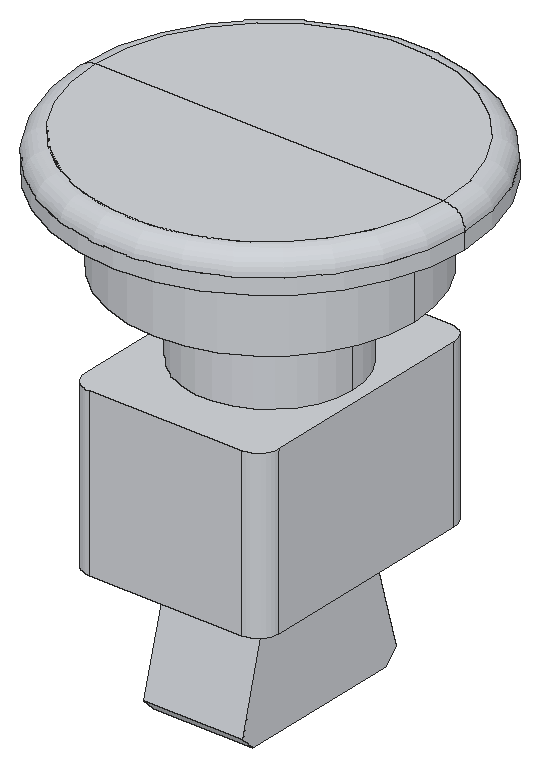
Revit family "2fb499501a3147c2b0ae3d3dcca2543d", category Lighting Devices, host Face, Revit 2021
Family settings
  Host = Face
  Maintain Annotation Orientation = Yes
  Round Connector Dimension = Use Diameter
  Part Type = Switch
  OmniClass Number = 23.85.80.11
  OmniClass Title = Building Controls
  Seek Item ID = Push Button - Switch-0000-USA-ENU
  Cut with Voids When Loaded = No
  Shared = No
  Room Calculation Point = No
Parameters (values of type "Standard")
  Button Material = none
  Default Elevation = 4' - 0"
Reference planes (in)
  plane 1 "Center (Front/Back)": y = 0
  plane 2: z = 0
  plane 3 "Center (Left/Right)": x = 0
  plane 4: z = -1.79
  plane 5: z = 1.22
  plane 6: x = -1.18
  plane 7: x = 1.18
  plane 8: z = 1
  plane 9: z = 0.5
  plane 10: z = -1
Forms (in)
  Revolve 1, solid, material <- "Button Material"
    sketch origin (0, 0, 0) x (1, 0, 0) y (0, 0, 1)
      loop
        arc (-1.055, 1.22) -> (-1.14339, 1.18339) -> (-1.18, 1.095) r 0.125
        line (-1.18, 1.095) -> (-1.18, 1) -> (0, 1) -> (0, 1.22) -> (-1.055, 1.22)
      axis (0, 1.22) -> (0, 1)
    angle from 0 to 360
  Extrusion 2, solid, material <- "Button Material"
    sketch origin (0, 0, 0) x (1, 0, 0) y (0, 1, 0)
      loop
        circle (0, 0) r 0.875
    from 0.5 to 1
  Extrusion 3, solid, material <- "Button Material"
    sketch origin (0, 0, 0) x (1, 0, 0) y (0, 1, 0)
      loop
        circle (0, 0) r 0.5
    from 0 to 0.5
  Extrusion 4, solid, material <- "Button Material"
    sketch origin (0, 0, 0) x (1, 0, 0) y (0, 1, 0)
      loop
        arc (-0.46, 0.785) -> (-0.54839, 0.74839) -> (-0.585, 0.66) r 0.125
        line (-0.585, 0.66) -> (-0.585, -0.66)
        arc (-0.585, -0.66) -> (-0.54839, -0.74839) -> (-0.46, -0.785) r 0.125
        line (-0.46, -0.785) -> (0.46, -0.785)
        arc (0.46, -0.785) -> (0.54839, -0.74839) -> (0.585, -0.66) r 0.125
        line (0.585, -0.66) -> (0.585, 0.66)
        arc (0.585, 0.66) -> (0.54839, 0.74839) -> (0.46, 0.785) r 0.125
        line (0.46, 0.785) -> (-0.46, 0.785)
    from 0 to -1
  Extrusion 5, solid, material <- "Button Material"
    sketch origin (0, 0, 0) x (0, 1, 0) y (0, 0, 1)
      loop
        line (-0.50135, -1.79) -> (0.50135, -1.79) -> (0.57996, -1.71139) -> (0.37822, -1) -> (-0.37822, -1) -> (-0.57996, -1.71139) -> (-0.50135, -1.79)
    from -0.2993 to 0.2993
Cuts and joins
  joined: Revolve 1, Extrusion 2, Extrusion 3, Extrusion 4, Extrusion 5
Lines and regions (in)
  symbolic lines, detail levels fine
    curve 1: line (-1.18, 0, 1) -> (1.18, 0, 1)
    curve 2: line (-0.87406, 0, 0.5) -> (0.87406, 0, 0.5)
    curve 3: line (-0.5, 0, 0.5) -> (-0.5, 0, 0)
    curve 4: line (0.5, 0, 0) -> (0.5, 0, 0.5)
    curve 5: line (0.585, 0, 0) -> (-0.585, 0, 0)
    curve 6: line (-0.585, 0, 0) -> (-0.585, 0, -1)
    curve 7: line (0.585, 0, -1) -> (0.585, 0, 0)
    curve 8: line (-0.585, 0, -1) -> (0.585, 0, -1)
    curve 9: line (0.2993, 0, -1.79) -> (0.2993, 0, -1)
    curve 10: line (-0.2993, 0, -1) -> (-0.2993, 0, -1.79)
    curve 11: line (-0.2993, 0, -1.71139) -> (0.2993, 0, -1.71139)
    curve 12: line (-0.2993, 0, -1.79) -> (0.2993, 0, -1.79)
    curve 13: line (-0.87406, 0, 1) -> (-0.87406, 0, 0.5)
    curve 14: line (0.87406, 0, 1) -> (0.87406, 0, 0.5)
    curve 15: line (-1.18, 0, 1.095) -> (-1.18, 0, 1)
    curve 16: line (-1.055, 0, 1.22) -> (1.055, 0, 1.22)
    curve 17: line (1.18, 0, 1.095) -> (1.18, 0, 1)
    curve 18: arc (-1.18, 0, 1.095) -> (-1.14339, 0, 1.18339) -> (-1.055, 0, 1.22) r 0.125
    curve 19: arc (1.055, 0, 1.22) -> (1.14339, 0, 1.18339) -> (1.18, 0, 1.095) r 0.125
Dimensions and locks (in)
  locked: plane 5 to plane 2 at 1.22
  locked: plane 2 to plane 4 at 1.79
  equal spacing: plane 6, plane 3 "Center (Left/Right)", plane 7
  locked: plane 6 to plane 7 at 2.36
  locked: plane 8 to plane 2 at 1
  equal spacing: plane 8, plane 9, plane 2
  locked: plane 2 to plane 10 at 1
  equal spacing: Extrusion 4 sketch curve, plane 1 "Center (Front/Back)", Extrusion 4 sketch curve
  locked: Extrusion 4 sketch curve to Extrusion 4 sketch curve at 1.57
  equal spacing: Extrusion 5 sketch curve, plane 1 "Center (Front/Back)", Extrusion 5 sketch curve
  equal spacing: Extrusion 5, plane 3 "Center (Left/Right)", Extrusion 5
  equal spacing: Extrusion 4 sketch curve, plane 3 "Center (Left/Right)", Extrusion 4 sketch curve
  locked: Extrusion 4 sketch curve to Extrusion 4 sketch curve at 1.17
  radius of Extrusion 2 sketch curve = 0' - 0 7/8"
  aligned and locked: plane 2 to host face
  aligned and locked: level to host face
  aligned and locked: Revolve 1 sketch curve to plane 5
  aligned and locked: plane 8 to Revolve 1 sketch curve
  aligned and locked: plane 8 to Extrusion 2
  aligned and locked: Extrusion 2 to plane 9
  aligned and locked: plane 9 to Extrusion 3
  aligned and locked: Extrusion 3 to plane 2
  aligned and locked: Extrusion 4 to plane 10
  aligned and locked: plane 2 to Extrusion 4
  aligned and locked: Extrusion 5 sketch curve to plane 10
  aligned and locked: curve 1 to Revolve 1
  aligned and locked: Extrusion 2 to curve 2
  aligned and locked: Extrusion 4 to curve 5
  aligned and locked: Extrusion 4 to curve 8
  aligned and locked: curve 9 to Extrusion 5
  aligned and locked: curve 10 to Extrusion 5
  aligned and locked: curve 11 to Extrusion 5
  aligned and locked: curve 12 to Extrusion 5
  aligned and locked: plane 1 "Center (Front/Back)" to nested 1
  aligned and locked: plane 3 "Center (Left/Right)" to nested 1
  aligned and locked: plane 1 "Center (Front/Back)" to Extrusion 2 sketch curve
  aligned and locked: plane 3 "Center (Left/Right)" to Extrusion 2 sketch curve
  aligned and locked: plane 3 "Center (Left/Right)" to Extrusion 3 sketch curve
  aligned and locked: plane 1 "Center (Front/Back)" to Extrusion 3 sketch curve
Automatic sketch dimensions
  host sketch curve to host sketch curve = 8' - 0"  (x2)
  plane 6 to Revolve 1 sketch curve = 0' - 0"
  Revolve 1 sketch curve to plane 3 "Center (Left/Right)" = 0' - 0"  (x2)
  Revolve 1 sketch curve to plane 6 = 0' - 0 1/8"
  plane 9 to Revolve 1 sketch curve = 0' - 0.12309"
  Revolve 1 sketch curve to Revolve 1 sketch curve = 0' - 0.59319"
  Extrusion 5 sketch curve to plane 4 = 0' - 0"
  plane 4 to Extrusion 5 sketch curve = 0' - 0.07861"  (x2)
  plane 1 "Center (Front/Back)" to Extrusion 5 sketch curve = 0' - 0.57996"
  Extrusion 5 sketch curve to Extrusion 5 sketch curve = 0' - 0.07861"  (x2)
  plane 1 "Center (Front/Back)" to Extrusion 5 sketch curve = 0' - 0.37822"
  Extrusion 5 sketch curve to plane 1 "Center (Front/Back)" = 0' - 0.37822"
  plane 6 to curve 1 = 0' - 0"
  curve 19 to plane 5 = 0' - 0"
  curve 19 to plane 7 = 0' - 0"
  curve 16 to plane 6 = 0' - 0 1/8"
  curve 2 to curve 3 = 0' - 0.37406"
  curve 4 to curve 14 = 0' - 0.37406"
  plane 8 to curve 19 = 0' - 0.095"
  curve 8 to curve 10 = 0' - 0.2857"
  curve 9 to curve 7 = 0' - 0.2857"
  Extrusion 4 sketch curve to Extrusion 4 sketch curve = 0' - 0 1/8"  (x4)
  radius of Extrusion 3 sketch curve = 0' - 0 1/2"
Nested families (in)
  nested 1: "Push Button - Switch Annotation" at (0, 0, 0), type "Push Button - Switch Annotation", detail levels coarse+medium
Connectors (in)
  electrical at (0, 0, -1.79)
    settings: on Extrusion 5, index 1, voltage 0 V, apparent load 0 VA, apparent load phase1 0 VA, apparent load phase2 0 VA, apparent load phase3 0 VA, power factor 1, load classification "Other", number of poles 1, system type 13, power factor state 1, is connector primary yes, connector utility no, sub classification motor no, connector description ""
Definition of nested family "Push Button - Switch Annotation"
  Parameters
    Label Annotation = ""
  Reference planes (in)
    plane 1: y = 0
    plane 2: x = 0
  Lines and regions (in)
    reference lines
      curve 1: line (-0.02344, 0.2277, 0) -> (-0.02344, -0.28638, 0)
      curve 2: line (0.02344, 0.29601, 0) -> (0.02344, -0.28638, 0)
      curve 3: line (-0.2699, 0.15625, 0) -> (0.35142, 0.15625, 0)
      curve 4: line (-0.37147, 0, 0) -> (0.37853, 0, 0)
      curve 9: line (-0.13011, 0.07813, 0) -> (0.21536, 0.07813, 0)
      curve 10: line (-0.10413, 0.03906, 0) -> (0.12964, 0.03906, 0)
      curve 11: line (-0.10413, 0.11719, 0) -> (0.16517, 0.11719, 0)
    detail lines
      curve 5: line (-0.02344, 0.15625, 0) -> (0.02344, 0.15625, 0)
      curve 6: line (-0.02344, 0, 0) -> (-0.02344, 0.15625, 0)
      curve 7: line (0.02344, 0, 0) -> (-0.02344, 0, 0)
      curve 8: line (0.02344, 0.15625, 0) -> (0.02344, 0, 0)
      curve 12: circle (0, 0.11719, 0) r 0.00781 normal (0, 0, 1)
      curve 13: circle (0, 0.11719, 0) r 0.00391 normal (0, 0, 1)
      curve 14: circle (0, 0.11719, 0) r 0.00195 normal (0, 0, 1)
      curve 15: circle (0, 0.07813, 0) r 0.00781 normal (0, 0, 1)
      curve 16: circle (0, 0.07813, 0) r 0.00391 normal (0, 0, 1)
      curve 17: circle (0, 0.07813, 0) r 0.00195 normal (0, 0, 1)
      curve 18: circle (0, 0.03906, 0) r 0.00781 normal (0, 0, 1)
      curve 19: circle (0, 0.03906, 0) r 0.00391 normal (0, 0, 1)
      curve 20: circle (0, 0.03906, 0) r 0.00195 normal (0, 0, 1)
  Dimensions and locks (in)
    locked: curve 1 to plane 2 at 0.02344
    locked: plane 2 to curve 2 at 0.02344
    locked: curve 4 to curve 3 at 0.15625
    locked: curve 4 to plane 1
    equal spacing: curve 4, curve 10, curve 9, curve 11, curve 3
    aligned and locked: curve 3 to curve 5
    aligned and locked: curve 6 to curve 1
    aligned and locked: curve 7 to curve 4
    aligned and locked: curve 2 to curve 8
